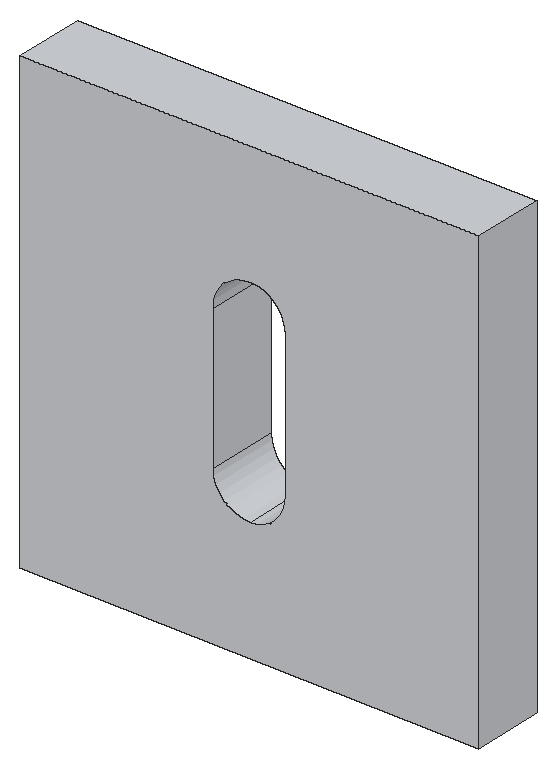
Revit family "DSQ-01", category Generic Models, Revit 2013
Reference planes
  plane 1 "Center (Front/Back)": y = 0
  plane 2: z = 0
  plane 3 "Center (Left/Right)": x = 0
Forms (mm)
  Extrusion 1, solid
    sketch origin (0, 0, 0) x (1, 0, 0) y (0, 0, 1)
      loop
        line (-25.5, 25.5) -> (-25.5, -25.5) -> (25.5, -25.5) -> (25.5, 25.5) -> (-25.5, 25.5)
    from 0 to 8
  Extrusion 2, void
    sketch origin (0, 0, 0) x (1, 0, 0) y (0, 0, 1)
      loop
        arc (-4, -7.984) -> (-2.832, -10.815) -> (-0.007, -12) r 4.016
        arc (-0.007, -12) -> (2.828, -10.812) -> (4, -7.97) r 4.03
        line (4, -7.97) -> (4, 8.01)
        arc (4, 8.01) -> (2.836, 10.827) -> (0.023, 12) r 3.99
        arc (0.023, 12) -> (-2.822, 10.813) -> (-4, 7.964) r 4.036
        line (-4, 7.964) -> (-4, -7.984)
    from 0 to 8
Cuts and joins
  Extrusion 2 cuts Extrusion 1
Lines and regions (mm)
  model lines
    curve 1: line (-19, -8, 19) -> (19, -8, 19)
    curve 2: line (-19, -8, -19) -> (-19, -8, 19)
    curve 3: line (19, -8, -19) -> (-19, -8, -19)
    curve 4: line (19, -8, 19) -> (19, -8, -19)
Dimensions and locks
  cut or joined group of Extrusion 1, Extrusion 2 to cut or joined group of Extrusion 1, Extrusion 2 = 51 mm  (x3)
  curve 2 to curve 4 = 38 mm
  curve 1 to curve 3 = 38 mm
  cut or joined group of Extrusion 1, Extrusion 2 to cut or joined group of Extrusion 1, Extrusion 2 = 8 mm
  aligned and locked: level to plane 2
